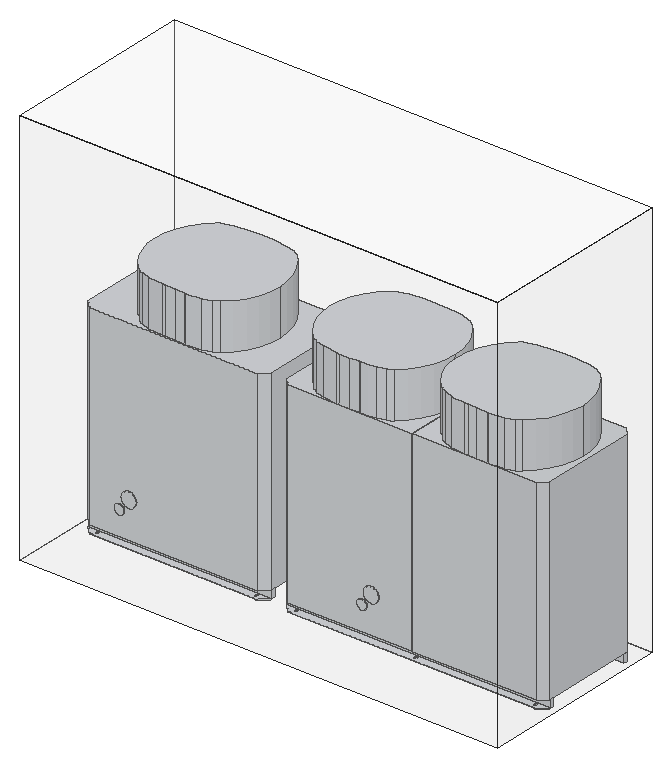
Revit family "pury-sep224_500(s)dmg9_50Hz", category 機械設備, Revit 2019
Family settings
  丸型コネクタ寸法 = 直径を使用
  パーツ タイプ = 標準
  OmniClass 番号 = 23.75.10.24.21.27.27
  OmniClass タイトル = Split System Air Conditioning Units
  作業面ベース = いいえ
  常に垂直 = はい
  ロード時にボイドで切り取り = いいえ
  共有 = いいえ
  部屋計算ポイント = いいえ
Parameters (values of type "PURY-SEP500SDMG9_タイプB")
  風量（m3／min） = 520
  風量 = MAX風量  # 31200.0 m³/h
  音響パワーレベル(dB) = 83.5
  電源種別 = ""
  電源位置2Y（ユニット3） = 121 mm
  電源位置2Y（ユニット2） = 121 mm
  電源位置2Y（ユニット1） = 121 mm
  電源位置2X（ユニット3） = 516 mm
  電源位置2X（ユニット2） = 227 mm
  電源位置2X（ユニット1） = 516 mm
  電源位置1Z（ユニット3） = 217 mm
  電源位置1Z（ユニット2） = 217 mm
  電源位置1Z（ユニット1） = 217 mm
  電源位置1X（ユニット3） = 541 mm
  電源位置1X（ユニット2） = 251 mm
  電源位置1X（ユニット1） = 541 mm
  電圧 = 200 V
  電動機出力_送風機 = 2.76 kW
  電動機出力_圧縮機 = 10.3 kW
  集中コントローラ [instance] = ""
  運転質量 = 0.00 kg
  運転方法 = "冷暖同時"
  質量 = if(製品質量 > 運転質量, 製品質量, 運転質量) * 1.2  # 664.80 kg
  負荷分類 = 1_熱源類
  説明 = "ビル用マルチエアコン 室外ユニット シティマルチR2 GR 高効率EX 高COP仕様"
  設計暖房能力 [instance] = 0 kW
  設計冷房能力_顕熱 [instance] = 0 kW
  設計冷房能力 [instance] = 0 kW
  設置方法 = "床置形"
  記号 [instance] = ""
  製造元 = "三菱電機株式会社"
  製品質量 = 554.00 kg
  製品出荷対象 = "国内"
  製品リリース年月 = "2024/4/26"
  製品グループ = ""
  系統 [instance] = ""
  符号 = "EHP"
  積算_科目 = "1 空気調和設備"
  積算_拾い区分 [instance] = ""
  相 = 3
  盤記号 [instance] = ""
  発停方法 = "付属スイッチ"
  特殊仕様 [instance] = ""
  消費電力_暖房 = 14 kW
  消費電力_冷房 = 14.7 kW
  消費電力 = if(消費電力_冷房 > 消費電力_暖房, 消費電力_冷房, 消費電力_暖房)  # 14.7 kW
  法定耐用年数 = "15"
  極数 = 3
  材質 [instance] = ""
  本体マテリアル = none
  最小電線太さ_mm2 = 60
  最大電流値 = 95.5 A
  暖房能力 = 56 kW
  推奨ブレーカー容量 = 100 A
  据付ピッチ1 = 0 mm
  形式 = "マルチパッケージ形 室外機"
  幹線記号 [instance] = ""
  始動方式 = ""
  呼称 = "マルチパッケージ形空気調和機"
  周波数 = 50 Hz
  参照している仕様書等のバージョン = "公共建築工事標準仕様書（機械設備工事編）平成31年度版"
  分類コード = "50053003300020"
  分類グループ = ""
  冷房能力 = 50 kW
  冷媒管（液）位置2 (ユニット3) = 146 mm
  冷媒管（液）位置2 (ユニット2) = 146 mm
  冷媒管（液）位置1 (ユニット3） = 533 mm
  冷媒管（ガス）位置2 (ユニット3) = 146 mm
  冷媒管（ガス）位置2 (ユニット2) = 146 mm
  冷媒管（ガス）位置1 (ユニット3) = 140 mm
  冷媒管（ガス）位置1 (ユニット1) = 140 mm
  冷媒管（液）位置1 (ユニット1) = 533 mm
  冷媒管（液）位置2 (ユニット1) = 146 mm
  冷媒管（ガス）位置2 (ユニット1) = 146 mm
  冷媒管（ガス）位置1 (ユニット2) = 140 mm
  冷媒管（液）位置1 (ユニット2） = 244 mm
  冷媒管長 [instance] = 0 mm
  冷媒管径符号 = "Fh"
  冷媒管径3 = 100.00 mm
  冷媒管径2 = 100.00 mm
  冷媒管径 = 100.00 mm
  冷媒管位置3 (ユニット3) = 294.5 mm
  冷媒管位置3 (ユニット2) = 294.5 mm
  冷媒管位置3 (ユニット1) = 294.5 mm
  冷媒管位置2 (ユニット3) = 146 mm
  冷媒管位置2 (ユニット2) = 146 mm
  冷媒管位置1 (ユニット2) = 314 mm
  冷媒管位置2 (ユニット1) = 146 mm
  冷媒管位置1 (ユニット3) = 603 mm
  冷媒管位置1 (ユニット1) = 603 mm
  冷媒液管径3 = 19.05 mm
  冷媒液管径2 = 15.88 mm
  冷媒液管径 = 19.05 mm
  冷媒ガス管径3 = 22.20 mm
  冷媒ガス管径2 = 19.05 mm
  冷媒ガス管径 = 22.20 mm
  企業コード = "108420"
  付属品 [instance] = ""
  仕様書バージョン = "Version1.0"
  ユニット隙間 = if(サービススペース_タイプA, 30 mm, 100 mm)  # 100 mm
  ユニット数 = 2
  ユニットタイプ3 = 筐体モジュール.（R2高効率） : 280K筐体
  ユニットタイプ2 = 筐体モジュール（R2高効率） : 224筐体
  ユニットタイプ1 = 筐体モジュール.（R2高効率） : 280K筐体
  ユニット3_S = no
  ユニット3_L = no
  ユニット3 = no
  ユニット2_S = no
  ユニット2_L = no
  ユニット2 = yes
  ユニット1_S = no
  ユニット1_L = no
  モデル = "PURY-SEP500SDMG9"
  ドレン管径 = 0.00 mm
  サービススペース_タイプA = no
  サービススペース = yes
  コメント [instance] = ""
  ケーブル種類 = ""
  ケーブルサイズ = 0 mm
  アンカーボルト位置Y（ユニット3） = 681 mm
  アンカーボルト位置Y（ユニット2） = 681 mm
  アンカーボルト位置Y（ユニット1） = 681 mm
  アンカーボルト位置X（ユニット3） = 795 mm
  アンカーボルト位置X（ユニット2） = 1060 mm
  アンカーボルト位置X（ユニット1） = 795 mm
  Width3 = 1750 mm
  Width2 = 1220 mm
  Width1 = 1750 mm
  Width = if(ユニット3, Width1 + Width2 + Width3 + 2 * ユニット隙間, if(ユニット2, Width1 + Width2 + 1 * ユニット隙間, Width1))  # 3070 mm
  Version = ""
  Uniclass2015Version = "Systems v1.9"
  Uniclass2015Title = "Split coil remote air cooled condensing units"
  Uniclass2015Code = "Pr_70_65_03_84"
  URL = "https://www.mitsubishielectric.co.jp/ldg/wink/qr/002/331969/"
  SpecificationReference = ""
  SpecificationDescription = ""
  Revision = ""
  ProductInformation = ""
  OmniClassCode = "23-75 10 24 21 27 27"
  OUTLINE2 = outline : outline_L
  OUTLINE1 = outline : outline_XL
  MAX風量 = 風量（m3／min） * 60.0 m³/h  # 31200.0 m³/h
  IfcTypeProduct = ""
  IfcProduct = ""
  IfcExportType = "AIRCONDITIONINGUNIT"
  IfcExportAs = "IfcUnitaryEquipmentType"
  Height = 1650 mm
  Depth = 740 mm
  Clearance Top [instance] = if(サービススペース_タイプA, 1000 mm, 1000 mm)  # 1000 mm
  Clearance Right [instance] = if(サービススペース_タイプA, 15 mm, 50 mm)  # 50 mm
  Clearance Left [instance] = if(サービススペース_タイプA, 15 mm, 50 mm)  # 50 mm
  Clearance Front [instance] = if(サービススペース_タイプA, 450 mm, 450 mm)  # 450 mm
  Clearance Back [instance] = if(サービススペース_タイプA, 300 mm, 100 mm)  # 100 mm
  COP = 0
  Author = "三菱電機株式会社"
  APF = 0
Reference planes
  plane 1 "中心(正面/背面)": y = 0
  plane 2: z = 0
  plane 3 "中心(左/右)": x = 1155
  plane 4 "右": x = 2690
  plane 5 "左": x = -380
  plane 6 "背面": y = 370
  plane 7 "正面": y = -370
  plane 8: z = 1347
  plane 9 "上部": z = 1650
  plane 10 "Clearanse Top": z = 2650
  plane 11: x = -1627
  plane 12 "冷媒操作弁ガス芯2": y = -224
  plane 13 "冷媒操作弁液芯2": y = -224
  plane 14 "SS_back": y = 470
  plane 15 "SS_front": y = -820
  plane 16 "SS_left": x = -430
  plane 17 "SS_right": x = 2740
  plane 18: x = -480
  plane 19: x = -380
  plane 20: x = 840
  plane 21: x = 940
  plane 22: x = -2230
  plane 23: x = -66
  plane 24: x = 1543
  plane 25: x = -1355
  plane 26: x = 230
  plane 27: x = 1815
  plane 28: z = 53
  plane 29: z = 294.5
  plane 30: y = -224
  plane 31: z = 54
  plane 32: z = 294.5
  plane 33: z = 294.5
  plane 34: x = 1456
  plane 35: x = 1481
  plane 36: x = -153
  plane 37: x = -129
  plane 38: y = -249
  plane 39: y = -249
  plane 40: y = -249
  plane 41: z = 217
  plane 42: z = 217
  plane 43: z = 217
  plane 44: through (-234.102, -234.715, 1200) normal (0.7071, 0.7071, 0)
Forms (mm)
  Extrusion 1, solid, detail levels fine
    sketch origin (0, -370, 0) x (1, 0, 0) y (0, 0, 1)
      loop
        circle (1543, 294.5) r 50
    from 0 to 1
  Extrusion 2, solid, visible <- "ユニット2", detail levels fine
    sketch origin (0, -370, 0) x (1, 0, 0) y (0, 0, 1)
      loop
        circle (-66, 294.5) r 50
    from 0 to 1
  Extrusion 3, solid, detail levels fine
    sketch origin (-1437.329, -1524, 54) x (-1, 0, 0) y (0, -1, 0)
      loop
        circle (-2980.329, -1300) r 50
    from 0 to -1
  Extrusion 4, solid, visible <- "ユニット2", detail levels fine
    sketch origin (-1437.329, -1524, 54) x (-1, 0, 0) y (0, -1, 0)
      loop
        circle (-1371.329, -1300) r 50
    from 0 to -1
  Extrusion 5, solid, detail levels fine
    sketch origin (-1437.329, -1524, 54) x (-1, 0, 0) y (0, -1, 0)
      loop
        circle (-2893.329, -1275) r 32.5
    from -1 to 0
  Extrusion 6, solid, visible <- "ユニット2", detail levels fine
    sketch origin (-1437.329, -1524, 54) x (-1, 0, 0) y (0, -1, 0)
      loop
        circle (-1284.329, -1275) r 32.5
    from -1 to 0
  Extrusion 7, solid, detail levels fine
    sketch origin (0, -370, 0) x (1, 0, 0) y (0, 0, 1)
      loop
        circle (1481, 217) r 32.5
    from 0 to 1
  Extrusion 8, solid, visible <- "ユニット2", detail levels fine
    sketch origin (0, -370, 0) x (1, 0, 0) y (0, 0, 1)
      loop
        circle (-129, 217) r 32.5
    from 0 to 1
Lines and regions (mm)
  model lines, not visible
    curve 1: line (460, 178.667, 1289.179) -> (460, 297.73, 1289.179)
    curve 2: line (460, 178.667, 1056.056) -> (460, 178.667, 1289.179)
    curve 3: line (460, 297.73, 1056.056) -> (460, 178.667, 1056.056)
    curve 4: line (460, 297.73, 1289.179) -> (460, 297.73, 1056.056)
    curve 5: line (460, 47.598, 1289.179) -> (460, 166.661, 1289.179)
    curve 6: line (460, 47.598, 1056.056) -> (460, 47.598, 1289.179)
    curve 7: line (460, 166.661, 1056.056) -> (460, 47.598, 1056.056)
    curve 8: line (460, 166.661, 1289.179) -> (460, 166.661, 1056.056)
    curve 9: line (460, -83.471, 1289.179) -> (460, 35.592, 1289.179)
    curve 10: line (460, -83.471, 1056.056) -> (460, -83.471, 1289.179)
    curve 11: line (460, 35.592, 1056.056) -> (460, -83.471, 1056.056)
    curve 12: line (460, 35.592, 1289.179) -> (460, 35.592, 1056.056)
    curve 13: line (460, -150.779, 1289.179) -> (460, -95.75, 1289.179)
    curve 14: line (460, -150.779, 1056.056) -> (460, -150.779, 1289.179)
    curve 15: line (460, -95.75, 1056.056) -> (460, -150.779, 1056.056)
    curve 16: line (460, -95.75, 1289.179) -> (460, -95.75, 1056.056)
    curve 17: line (460, -150.779, 1283.175) -> (460, -132.596, 1283.175)
    curve 18: line (460, -150.779, 1062.059) -> (460, -150.779, 1283.175)
    curve 19: line (460, -132.596, 1062.059) -> (460, -150.779, 1062.059)
    curve 20: line (460, -132.596, 1283.175) -> (460, -132.596, 1062.059)
    curve 21: line (460, 178.667, 1046.051) -> (460, 297.73, 1046.051)
    curve 22: line (460, 178.667, 812.928) -> (460, 178.667, 1046.051)
    curve 23: line (460, 297.73, 812.928) -> (460, 178.667, 812.928)
    curve 24: line (460, 297.73, 1046.051) -> (460, 297.73, 812.928)
    curve 25: line (460, 47.598, 1046.051) -> (460, 166.661, 1046.051)
    curve 26: line (460, 47.598, 812.928) -> (460, 47.598, 1046.051)
    curve 27: line (460, 166.661, 812.928) -> (460, 47.598, 812.928)
    curve 28: line (460, 166.661, 1046.051) -> (460, 166.661, 812.928)
    curve 29: line (460, -83.471, 1046.051) -> (460, 35.592, 1046.051)
    curve 30: line (460, -83.471, 812.928) -> (460, -83.471, 1046.051)
    curve 31: line (460, 35.592, 812.928) -> (460, -83.471, 812.928)
    curve 32: line (460, 35.592, 1046.051) -> (460, 35.592, 812.928)
    curve 33: line (460, -150.779, 1046.051) -> (460, -95.75, 1046.051)
    curve 34: line (460, -150.779, 812.928) -> (460, -150.779, 1046.051)
    curve 35: line (460, -95.75, 812.928) -> (460, -150.779, 812.928)
    curve 36: line (460, -95.75, 1046.051) -> (460, -95.75, 812.928)
    curve 37: line (460, -150.779, 1040.048) -> (460, -132.596, 1040.048)
    curve 38: line (460, -150.779, 818.931) -> (460, -150.779, 1040.048)
    curve 39: line (460, -132.596, 818.931) -> (460, -150.779, 818.931)
    curve 40: line (460, -132.596, 1040.048) -> (460, -132.596, 818.931)
    curve 41: line (460, 178.667, 802.923) -> (460, 297.73, 802.923)
    curve 42: line (460, 178.667, 569.8) -> (460, 178.667, 802.923)
    curve 43: line (460, 297.73, 569.8) -> (460, 178.667, 569.8)
    curve 44: line (460, 297.73, 802.923) -> (460, 297.73, 569.8)
    curve 45: line (460, 47.598, 802.923) -> (460, 166.661, 802.923)
    curve 46: line (460, 47.598, 569.8) -> (460, 47.598, 802.923)
    curve 47: line (460, 166.661, 569.8) -> (460, 47.598, 569.8)
    curve 48: line (460, 166.661, 802.923) -> (460, 166.661, 569.8)
    curve 49: line (460, -83.471, 802.923) -> (460, 35.592, 802.923)
    curve 50: line (460, -83.471, 569.8) -> (460, -83.471, 802.923)
    curve 51: line (460, 35.592, 569.8) -> (460, -83.471, 569.8)
    curve 52: line (460, 35.592, 802.923) -> (460, 35.592, 569.8)
    curve 53: line (460, -150.779, 802.923) -> (460, -95.75, 802.923)
    curve 54: line (460, -150.779, 569.8) -> (460, -150.779, 802.923)
    curve 55: line (460, -95.75, 569.8) -> (460, -150.779, 569.8)
    curve 56: line (460, -95.75, 802.923) -> (460, -95.75, 569.8)
    curve 57: line (460, -150.779, 796.92) -> (460, -132.596, 796.92)
    curve 58: line (460, -150.779, 575.803) -> (460, -150.779, 796.92)
    curve 59: line (460, -132.596, 575.803) -> (460, -150.779, 575.803)
    curve 60: line (460, -132.596, 796.92) -> (460, -132.596, 575.803)
    curve 61: line (460, 178.667, 559.795) -> (460, 297.73, 559.795)
    curve 62: line (460, 178.667, 326.672) -> (460, 178.667, 559.795)
    curve 63: line (460, 297.73, 326.672) -> (460, 178.667, 326.672)
    curve 64: line (460, 297.73, 559.795) -> (460, 297.73, 326.672)
    curve 65: line (460, 47.598, 559.795) -> (460, 166.661, 559.795)
    curve 66: line (460, 47.598, 326.672) -> (460, 47.598, 559.795)
    curve 67: line (460, 166.661, 326.672) -> (460, 47.598, 326.672)
    curve 68: line (460, 166.661, 559.795) -> (460, 166.661, 326.672)
    curve 69: line (460, -83.471, 559.795) -> (460, 35.592, 559.795)
    curve 70: line (460, -83.471, 326.672) -> (460, -83.471, 559.795)
    curve 71: line (460, 35.592, 326.672) -> (460, -83.471, 326.672)
    curve 72: line (460, 35.592, 559.795) -> (460, 35.592, 326.672)
    curve 73: line (460, -150.779, 559.795) -> (460, -95.75, 559.795)
    curve 74: line (460, -150.779, 326.672) -> (460, -150.779, 559.795)
    curve 75: line (460, -95.75, 326.672) -> (460, -150.779, 326.672)
    curve 76: line (460, -95.75, 559.795) -> (460, -95.75, 326.672)
    curve 77: line (460, -150.779, 553.792) -> (460, -132.596, 553.792)
    curve 78: line (460, -150.779, 332.675) -> (460, -150.779, 553.792)
    curve 79: line (460, -132.596, 332.675) -> (460, -150.779, 332.675)
    curve 80: line (460, -132.596, 553.792) -> (460, -132.596, 332.675)
    curve 81: line (460, 178.667, 316.667) -> (460, 297.73, 316.667)
    curve 82: line (460, 178.667, 83.544) -> (460, 178.667, 316.667)
    curve 83: line (460, 297.73, 83.544) -> (460, 178.667, 83.544)
    curve 84: line (460, 297.73, 316.667) -> (460, 297.73, 83.544)
    curve 85: line (460, 47.598, 316.667) -> (460, 166.661, 316.667)
    curve 86: line (460, 47.598, 83.544) -> (460, 47.598, 316.667)
    curve 87: line (460, 166.661, 83.544) -> (460, 47.598, 83.544)
    curve 88: line (460, 166.661, 316.667) -> (460, 166.661, 83.544)
    curve 89: line (460, -83.471, 316.667) -> (460, 35.592, 316.667)
    curve 90: line (460, -83.471, 83.544) -> (460, -83.471, 316.667)
    curve 91: line (460, 35.592, 83.544) -> (460, -83.471, 83.544)
    curve 92: line (460, 35.592, 316.667) -> (460, 35.592, 83.544)
    curve 93: line (460, -150.779, 316.667) -> (460, -95.75, 316.667)
    curve 94: line (460, -150.779, 83.544) -> (460, -150.779, 316.667)
    curve 95: line (460, -95.75, 83.544) -> (460, -150.779, 83.544)
    curve 96: line (460, -95.75, 316.667) -> (460, -95.75, 83.544)
    curve 97: line (460, -150.779, 310.664) -> (460, -132.596, 310.664)
    curve 98: line (460, -150.779, 89.547) -> (460, -150.779, 310.664)
    curve 99: line (460, -132.596, 89.547) -> (460, -150.779, 89.547)
    curve 100: line (460, -132.596, 310.664) -> (460, -132.596, 89.547)
Dimensions and locks
  plane 8 to level = 1347 mm
  equal spacing: plane 7 "正面", plane 1 "中心(正面/背面)", plane 6 "背面", locked at 370 each
  "Depth": plane 7 "正面" to plane 6 "背面"
  "Width": plane 5 "左" to plane 4 "右"
  equal spacing: plane 5 "左", plane 3 "中心(左/右)", plane 4 "右"
  "冷媒管位置2 (ユニット3)": plane 7 "正面" to plane 13 "冷媒操作弁液芯2"
  "冷媒管位置2 (ユニット2)": plane 7 "正面" to plane 12 "冷媒操作弁ガス芯2"
  "Clearance Left": plane 16 "SS_left" to plane 5 "左"
  "Clearance Right": plane 4 "右" to plane 17 "SS_right"
  "Clearance Back": plane 6 "背面" to plane 14 "SS_back"
  "Clearance Front": plane 15 "SS_front" to plane 7 "正面"
  "Clearance Top": plane 10 "Clearanse Top" to plane 9 "上部"
  "Height": plane 9 "上部" to plane 2
  plane 9 "上部" to plane 8 = 303 mm
  "ユニット隙間": plane 18 to plane 19
  "Width2": plane 19 to plane 20
  "ユニット隙間": plane 20 to plane 21
  "Width3": plane 22 to plane 18
  "Width1": plane 21 to plane 4 "右"
  "冷媒管位置1 (ユニット2)": plane 19 to plane 23
  "冷媒管位置1 (ユニット1)": plane 21 to plane 24
  "冷媒管位置1 (ユニット3)": plane 22 to plane 11
  equal spacing: plane 22, plane 25, plane 18
  equal spacing: plane 19, plane 26, plane 20
  equal spacing: plane 21, plane 27, plane 4 "右"
  "冷媒管位置2 (ユニット1)": plane 7 "正面" to plane 30
  plane 31 to level = 54 mm
  "冷媒管位置3 (ユニット1)": plane 29 to level
  locked: plane 31 to plane 28 at 1
  "冷媒管位置3 (ユニット2)": plane 32 to level
  "冷媒管位置3 (ユニット3)": plane 33 to level
  "電源位置2X（ユニット2）": plane 19 to plane 36
  "電源位置2X（ユニット1）": plane 21 to plane 34
  "電源位置2Y（ユニット1）": plane 7 "正面" to plane 38
  "電源位置2Y（ユニット2）": plane 7 "正面" to plane 39
  "電源位置2Y（ユニット3）": plane 7 "正面" to plane 40
  "電源位置1X（ユニット1）": plane 35 to plane 21
  "電源位置1X（ユニット2）": plane 37 to plane 19
  "電源位置1Z（ユニット1）": plane 43 to level
  "電源位置1Z（ユニット2）": plane 42 to level
  "電源位置1Z（ユニット3）": plane 41 to level
  "冷媒管径": diameter of Extrusion 1 sketch curve
  "冷媒管径2": diameter of Extrusion 2 sketch curve
  "冷媒管径": diameter of Extrusion 3 sketch curve
  "冷媒管径2": diameter of Extrusion 4 sketch curve
  radius of Extrusion 5 sketch curve = 32.5 mm
  radius of Extrusion 6 sketch curve = 32.5 mm
  radius of Extrusion 7 sketch curve = 32.5 mm
  aligned and locked: level to plane 2
  aligned and locked: plane 14 "SS_back" to nested 1  (x2)
  aligned and locked: plane 17 "SS_right" to nested 1
  aligned and locked: plane 16 "SS_left" to nested 1  (x2)
  aligned and locked: nested 1 to plane 17 "SS_right"
  aligned and locked: plane 15 "SS_front" to nested 1
  aligned and locked: plane 1 "中心(正面/背面)" to nested 2
  aligned and locked: plane 10 "Clearanse Top" to nested 1
  aligned and locked: nested 1 to plane 2
  aligned and locked: plane 25 to nested 2
  aligned and locked: plane 29 to Extrusion 1 sketch curve
  aligned and locked: plane 24 to Extrusion 1 sketch curve
  aligned and locked: plane 23 to Extrusion 2 sketch curve
  aligned and locked: plane 30 to Extrusion 3 sketch curve
  aligned and locked: plane 24 to Extrusion 3 sketch curve
  aligned and locked: plane 12 "冷媒操作弁ガス芯2" to Extrusion 4 sketch curve
  aligned and locked: plane 23 to Extrusion 4 sketch curve
  aligned and locked: plane 32 to Extrusion 2 sketch curve
  aligned and locked: plane 34 to Extrusion 5 sketch curve
  aligned and locked: plane 38 to Extrusion 5 sketch curve
  aligned and locked: plane 31 to Extrusion 5
  aligned and locked: Extrusion 5 to plane 28
  aligned and locked: plane 36 to Extrusion 6 sketch curve
  aligned and locked: plane 39 to Extrusion 6 sketch curve
  aligned and locked: plane 31 to Extrusion 6
  aligned and locked: Extrusion 6 to plane 28
  aligned and locked: plane 35 to Extrusion 7 sketch curve
  aligned and locked: plane 43 to Extrusion 7 sketch curve
  aligned and locked: plane 42 to Extrusion 8 sketch curve
  aligned and locked: plane 37 to Extrusion 8 sketch curve
  aligned and locked: Extrusion 8 to plane 7 "正面"
  aligned and locked: Extrusion 7 to plane 7 "正面"
  aligned and locked: Extrusion 8 to Extrusion 2
  aligned and locked: Extrusion 7 to Extrusion 1
  aligned and locked: plane 26 to nested 4
  aligned and locked: plane 27 to nested 5
  aligned and locked: plane 27 to nested 3
  aligned and locked: plane 26 to nested 6
  aligned and locked: plane 1 "中心(正面/背面)" to nested 6
Automatic sketch dimensions
  radius of Extrusion 8 sketch curve = 32.5 mm
Nested families
  nested 1: "サービススペース" at (1155, -175, 1325), visible <- "サービススペース", type "サービススペース"
    with Width 3170 mm, Height 2650 mm, Depth 1290 mm
  nested 2: "筐体モジュール.（R2高効率）" at (-1355, 0, 0), 冷媒ガス管径 <- "冷媒ガス管径3", 冷媒液管径 <- "冷媒液管径3", Width <- "Width3", Depth <- "Depth", Height <- "Height", type <- "ユニットタイプ3", 冷媒ガス_X <- "冷媒管（ガス）位置1 (ユニット3)", 冷媒ガス_Y <- "冷媒管（ガス）位置2 (ユニット3)", 冷媒液_X <- "冷媒管（液）位置1 (ユニット3）", 冷媒液_Y <- "冷媒管（液）位置2 (ユニット3)", 冷媒管径 <- "冷媒管径3", 冷媒管径_X <- "冷媒管位置1 (ユニット3)", 冷媒管径_Y <- "冷媒管位置2 (ユニット3)", 冷媒管径_Z <- "冷媒管位置3 (ユニット3)", ユニット2 <- "ユニット3", type "280K筐体"
    with 冷媒管径_Z 294.5 mm, 冷媒管径_Y 146 mm, 冷媒管径_X 603 mm, 冷媒管径 100 mm, 冷媒液管径 19.05 mm, 冷媒液_Z 327 mm, 冷媒液_Y 146 mm, 冷媒液_X 533 mm, 冷媒ガス管径 22.2 mm, 冷媒ガス_Z 262 mm, 冷媒ガス_Y 146 mm, 冷媒ガス_X 140 mm, ユニット4X no, ユニット2 no, Width 1750 mm, Height 1650 mm, Depth 740 mm
  nested 3: "筐体モジュール.（R2高効率）" at (1815, 0, 0), type <- "ユニットタイプ1", 冷媒管径_X <- "冷媒管位置1 (ユニット1)", Width <- "Width1", 冷媒ガス管径 <- "冷媒ガス管径", 冷媒液管径 <- "冷媒液管径", 冷媒液_X <- "冷媒管（液）位置1 (ユニット1)", type "280K筐体", detail levels fine
    with 冷媒管径_Z 294.5 mm, 冷媒管径_Y 146 mm, 冷媒管径_X 603 mm, 冷媒管径 100 mm, 冷媒液管径 19.05 mm, 冷媒液_Z 327 mm, 冷媒液_Y 146 mm, 冷媒液_X 533 mm, 冷媒ガス管径 22.2 mm, 冷媒ガス_Z 262 mm, 冷媒ガス_Y 146 mm, 冷媒ガス_X 140 mm, ユニット4X yes, ユニット2 yes, Width 1750 mm, Height 1650 mm, Depth 740 mm
  nested 4: "outline" at (230, 0, 0), ユニット2 <- "ユニット2", type <- "OUTLINE2", type "outline_L", detail levels coarse+medium
    with ユニット4X no, ユニット2 yes, Width 920 mm, Height 1650 mm, Depth 740 mm
  nested 5: "outline" at (1815, 0, 0), type <- "OUTLINE1", type "outline_XL", detail levels coarse+medium
    with ユニット4X no, ユニット2 yes, Width 1220 mm, Height 1650 mm, Depth 740 mm
  nested 6: "筐体モジュール（R2高効率）" at (230, 0, 0), type <- "ユニットタイプ2", ユニット2 <- "ユニット2", Width <- "Width2", 冷媒ガス管径 <- "冷媒ガス管径2", 冷媒液管径 <- "冷媒液管径2", 冷媒管径_X <- "冷媒管位置1 (ユニット2)", 冷媒液_X <- "冷媒管（液）位置1 (ユニット2）", type "224筐体"
    with 冷媒管径_Z 294.5 mm, 冷媒管径_Y 146 mm, 冷媒管径_X 314 mm, 冷媒管径 100 mm, 冷媒液管径 15.88 mm, 冷媒液_Z 327 mm, 冷媒液_Y 146 mm, 冷媒液_X 244 mm, 冷媒ガス管径 19.05 mm, 冷媒ガス_Z 262 mm, 冷媒ガス_Y 146 mm, 冷媒ガス_X 140 mm, ユニット234X yes, ユニット2 yes, Width 1220 mm, Height 1650 mm, Depth 740 mm, W 1220 mm
Connectors
  piping at (1543, -224, 53), diameter 100, driven by "冷媒管径", driven by "冷媒管径符号"
    settings: on Extrusion 3, index 7, connector inside diameter 609.60 mm, connector length 0 mm, flow factor 0, pipe flow 0.0 L/s, pressure drop 0.0 Pa, fitting loss kfactor 0, connector angle 0.00°, fixture units 0, engagement length 0 mm, angle of deflection 0.00°, flow configuration 1, flow direction 2, fitting loss method 4, system type 7, joint type 0, gender type 0, connector reference index -1, connector utility 0, adjustable connector no, is connector primary yes, connector description "Fh"
  piping at (-66, -224, 53), diameter 100, driven by "冷媒管径2", driven by "冷媒管径符号"
    settings: on Extrusion 4, index 8, connector inside diameter 609.60 mm, connector length 0 mm, flow factor 0, pipe flow 0.0 L/s, pressure drop 0.0 Pa, fitting loss kfactor 0, connector angle 0.00°, fixture units 0, engagement length 0 mm, angle of deflection 0.00°, flow configuration 1, flow direction 2, fitting loss method 4, system type 7, joint type 0, gender type 0, connector reference index -1, connector utility 0, adjustable connector no, is connector primary no, connector description "Fh"
  piping at (-66, -371, 294.5), diameter 100, driven by "冷媒管径2", driven by "冷媒管径符号"
    settings: on Extrusion 2, index 10, connector inside diameter 609.60 mm, connector length 0 mm, flow factor 0, pipe flow 0.0 L/s, pressure drop 0.0 Pa, fitting loss kfactor 0, connector angle 0.00°, fixture units 0, engagement length 0 mm, angle of deflection 0.00°, flow configuration 1, flow direction 2, fitting loss method 4, system type 7, joint type 0, gender type 0, connector reference index -1, connector utility 0, adjustable connector no, is connector primary no, connector description "Fh"
  piping at (1543, -371, 294.5), diameter 100, driven by "冷媒管径", driven by "冷媒管径符号"
    settings: on Extrusion 1, index 11, connector inside diameter 609.60 mm, connector length 0 mm, flow factor 0, pipe flow 0.0 L/s, pressure drop 0.0 Pa, fitting loss kfactor 0, connector angle 0.00°, fixture units 0, engagement length 0 mm, angle of deflection 0.00°, flow configuration 1, flow direction 2, fitting loss method 4, system type 7, joint type 0, gender type 0, connector reference index -1, connector utility 0, adjustable connector no, is connector primary no, connector description "Fh"
  electrical at (-129, -371, 217), driven by "極数", driven by "負荷分類", driven by "電圧", driven by "消費電力"
    settings: on Extrusion 8, index 12, voltage 200 V, apparent load 14700 VA, apparent load phase1 0 VA, apparent load phase2 0 VA, apparent load phase3 0 VA, power factor 1, load classification "1_熱源類", number of poles 3, system type 30, power factor state 1, is connector primary yes, connector utility no, sub classification motor no, connector description ""
  electrical at (1481, -371, 217), driven by "極数", driven by "負荷分類", driven by "電圧", driven by "消費電力"
    settings: on Extrusion 7, index 13, voltage 200 V, apparent load 14700 VA, apparent load phase1 0 VA, apparent load phase2 0 VA, apparent load phase3 0 VA, power factor 1, load classification "1_熱源類", number of poles 3, system type 30, power factor state 1, is connector primary no, connector utility no, sub classification motor no, connector description ""
  electrical at (1456, -249, 53), driven by "極数", driven by "負荷分類", driven by "電圧", driven by "消費電力"
    settings: on Extrusion 5, index 14, voltage 200 V, apparent load 14700 VA, apparent load phase1 0 VA, apparent load phase2 0 VA, apparent load phase3 0 VA, power factor 1, load classification "1_熱源類", number of poles 3, system type 30, power factor state 1, is connector primary no, connector utility no, sub classification motor no, connector description ""
  electrical at (-153, -249, 53), driven by "極数", driven by "負荷分類", driven by "電圧", driven by "消費電力"
    settings: on Extrusion 6, index 15, voltage 200 V, apparent load 14700 VA, apparent load phase1 0 VA, apparent load phase2 0 VA, apparent load phase3 0 VA, power factor 1, load classification "1_熱源類", number of poles 3, system type 30, power factor state 1, is connector primary no, connector utility no, sub classification motor no, connector description ""
Definition of nested family "サービススペース"
  Parameters (values of type "サービススペース")
    Width [instance] = 500 mm
    Height [instance] = 500 mm
    Depth [instance] = 500 mm
  Reference planes
    plane 1 "中心(正面/背面)": y = 0
    plane 2: z = 0
    plane 3 "中心(左/右)": x = 0
    plane 4: y = -250
    plane 5: x = 250
    plane 6: y = 250
    plane 7: x = -250
    plane 8: z = 250
    plane 9: z = -250
  Forms (mm)
    Extrusion 1, solid
      sketch origin (-638.939, 0, 72.39) x (1, 0, 0) y (0, 1, 0)
        loop
          line (388.939, 250) -> (388.939, -250) -> (888.939, -250) -> (888.939, 250) -> (388.939, 250)
      from -322.39 to 177.61
  Lines and regions (mm)
    symbolic lines
      curve 1: line (-250, 0, 250) -> (250, 0, 250)
      curve 2: line (-250, 0, -250) -> (-250, 0, 250)
      curve 3: line (250, 0, -250) -> (-250, 0, -250)
      curve 4: line (250, 0, 250) -> (250, 0, -250)
      curve 5: line (0, -250, 250) -> (0, 250, 250)
      curve 6: line (0, -250, -250) -> (0, -250, 250)
      curve 7: line (0, 250, -250) -> (0, -250, -250)
      curve 8: line (0, 250, 250) -> (0, 250, -250)
      curve 9: line (-250, 250, 0) -> (250, 250, 0)
      curve 10: line (-250, -250, 0) -> (-250, 250, 0)
      curve 11: line (250, -250, 0) -> (-250, -250, 0)
      curve 12: line (250, 250, 0) -> (250, -250, 0)
  Dimensions and locks
    equal spacing: plane 7, plane 3 "中心(左/右)", plane 5
    equal spacing: plane 4, plane 1 "中心(正面/背面)", plane 6
    "Depth": plane 4 to plane 6
    "Width": plane 7 to plane 5
    equal spacing: plane 8, plane 2, plane 9
    "Height": plane 8 to plane 9
    aligned and locked: plane 9 to curve 3
    aligned and locked: plane 7 to curve 2
    aligned and locked: curve 4 to plane 5
    aligned and locked: plane 5 to Extrusion 1
    aligned and locked: Extrusion 1 to plane 7
    aligned and locked: Extrusion 1 to plane 9
    aligned and locked: plane 8 to Extrusion 1
    aligned and locked: plane 9 to curve 7
  Automatic sketch dimensions
    plane 4 to Extrusion 1 sketch curve = 0 mm
    Extrusion 1 sketch curve to plane 7 = 0 mm
    Extrusion 1 sketch curve to plane 5 = 0 mm
    plane 6 to Extrusion 1 sketch curve = 0 mm
    curve 2 to plane 8 = 0 mm
    plane 4 to curve 11 = 0 mm
    curve 11 to plane 7 = 0 mm
    curve 11 to plane 5 = 0 mm
    plane 6 to curve 10 = 0 mm
    curve 7 to plane 4 = 0 mm
    curve 7 to plane 6 = 0 mm
    curve 6 to plane 8 = 0 mm
Definition of nested family "筐体モジュール.（R2高効率）"
  Parameters (values of type "280K筐体")
    冷媒管径_Z [instance] = 294.5 mm
    冷媒管径_Y [instance] = 146 mm
    冷媒管径_X [instance] = 603 mm
    冷媒管径 [instance] = 100 mm
    冷媒液管径 [instance] = 22.2 mm
    冷媒液_Z [instance] = 327 mm
    冷媒液_Y [instance] = 146 mm
    冷媒液_X [instance] = 533 mm
    冷媒ガス管径 [instance] = 28.58 mm
    冷媒ガス_Z [instance] = 262 mm
    冷媒ガス_Y [instance] = 146 mm
    冷媒ガス_X [instance] = 140 mm
    ユニット4X [instance] = and(ユニット2, Width = 1750 mm)  # yes
    ユニット2 [instance] = yes
    Width [instance] = 1750 mm
    W = 1750 mm
    Height [instance] = 1650 mm
    Depth [instance] = 740 mm
  Reference planes
    plane 1 "中心(正面/背面)": y = 0
    plane 2: z = 0
    plane 3 "中心(左/右)": x = 0
    plane 4: y = -370
    plane 5: y = 370
    plane 6: x = -875
    plane 7: z = 1347
    plane 8: z = 1650
    plane 9: y = -313
    plane 10: y = -293
    plane 11 "本体下部": z = 54
    plane 12: y = 370
    plane 13: y = 313
    plane 14: y = 293
    plane 15: y = 340.5
    plane 16: x = -795
    plane 17: y = -340.5
    plane 18 "電源高さ": z = 327
    plane 19 "冷媒管高さ": z = 294.5
    plane 20 "冷媒操作弁ガス芯4": z = 53
    plane 21: x = 875
    plane 22: x = -875
    plane 23: x = 875
    plane 24: x = -342
    plane 25: x = -272
    plane 26: x = -202
    plane 27: y = -224
    plane 28: y = -224
    plane 29: y = -224
    plane 30: z = 262
    plane 31: x = 795
  Forms (mm)
    Extrusion 1, solid, visible <- "ユニット4X", detail levels fine
      sketch origin (-460, 0, 0) x (1, 0, 0) y (0, 1, 0)
        loop
          line (-415, -320.583) -> (-365.583, -370) -> (455.244, -370) -> (455.244, 370) -> (-365.831, 370) -> (-415, 320.831) -> (-415, -320.583)
        loop
          line (464.756, 370) -> (464.756, -370) -> (1285.583, -370) -> (1335, -320.583) -> (1335, 320.831) -> (1285.831, 370) -> (464.756, 370)
      from 54 to 1347
    Extrusion 2, solid, visible <- "ユニット4X", detail levels fine
      sketch origin (-460, 0, 0) x (1, 0, 0) y (0, 1, 0)
        loop
          line (-415, -293) -> (-415, -313) -> (1335, -313) -> (1335, -293) -> (-415, -293)
      from 0 to 54
    Extrusion 3, solid, visible <- "ユニット4X", detail levels fine
      sketch origin (-460, 0, 0) x (1, 0, 0) y (0, 1, 0)
        loop
          line (-415, 293) -> (1335, 293) -> (1335, 313) -> (-415, 313) -> (-415, 293)
      from 0 to 54
    Extrusion 4, solid, visible <- "ユニット4X", detail levels fine
      sketch origin (-460, 0, 0) x (1, 0, 0) y (0, 1, 0)
        loop
          line (-415, -313) -> (-415, -320.583) -> (-365.583, -370) -> (1285.583, -370) -> (1335, -320.583) -> (1335, -313) -> (-415, -313)
        loop
          line (-328, -343.5) -> (-328, -337.5)
          arc (-328, -337.5) -> (-335, -330.5) -> (-342, -337.5) r 7
          line (-342, -337.5) -> (-342, -343.5)
          arc (-342, -343.5) -> (-335, -350.5) -> (-328, -343.5) r 7
        loop
          arc (1248, -343.5) -> (1255, -350.5) -> (1262, -343.5) r 7
          line (1262, -343.5) -> (1262, -337.5)
          arc (1262, -337.5) -> (1255, -330.5) -> (1248, -337.5) r 7
          line (1248, -337.5) -> (1248, -343.5)
        loop
          line (467, -343.5) -> (467, -337.5)
          arc (467, -337.5) -> (460, -330.5) -> (453, -337.5) r 7
          line (453, -337.5) -> (453, -343.5)
          arc (453, -343.5) -> (460, -350.5) -> (467, -343.5) r 7
      from 0 to 2
    Extrusion 5, solid, visible <- "ユニット4X", detail levels fine
      sketch origin (-759.5, 0, -2.5) x (1, 0, 0) y (0, 0, 1)
        loop
          circle (487.5, 297) r 50
      from 370 to 371
    Extrusion 6, solid, visible <- "ユニット4X", detail levels fine
      sketch origin (-460, 0, 0) x (1, 0, 0) y (0, 1, 0)
        loop
          circle (188, -224) r 50
      from 53 to 54
    Extrusion 7, solid, visible <- "ユニット4X", detail levels fine
      sketch origin (-460, 0, 0) x (1, 0, 0) y (0, 1, 0)
        loop
          circle (118, -224) r 11.1
      from 53 to 54
    Extrusion 8, solid, visible <- "ユニット4X", detail levels fine
      sketch origin (-460, 0, 0) x (1, 0, 0) y (0, 1, 0)
        loop
          circle (258, -224) r 14.29
      from 53 to 54
    Extrusion 9, solid, visible <- "ユニット4X", detail levels fine
      sketch origin (-460, 0, 0) x (1, 0, 0) y (0, 1, 0)
        loop
          line (-415, 313) -> (1335, 313) -> (1335, 320.583) -> (1285.583, 370) -> (-365.583, 370) -> (-415, 320.583) -> (-415, 313)
        loop
          arc (-328, 343.5) -> (-335, 350.5) -> (-342, 343.5) r 7
          line (-342, 343.5) -> (-342, 337.5)
          arc (-342, 337.5) -> (-335, 330.5) -> (-328, 337.5) r 7
          line (-328, 337.5) -> (-328, 343.5)
        loop
          line (1248, 343.5) -> (1248, 337.5)
          arc (1248, 337.5) -> (1255, 330.5) -> (1262, 337.5) r 7
          line (1262, 337.5) -> (1262, 343.5)
          arc (1262, 343.5) -> (1255, 350.5) -> (1248, 343.5) r 7
        loop
          arc (467, 343.5) -> (460, 350.5) -> (453, 343.5) r 7
          line (453, 343.5) -> (453, 337.5)
          arc (453, 337.5) -> (460, 330.5) -> (467, 337.5) r 7
          line (467, 337.5) -> (467, 343.5)
      from 0 to 2
    Extrusion 10, solid, visible <- "ユニット4X", detail levels fine
      sketch origin (426.031, 0, 0) x (-1, 0, 0) y (0, -1, 0)
        loop
          arc (-268.081, -316.106) -> (-250.974, -327.516) -> (-232.369, -336.274) r 138.853
          arc (-232.369, -336.274) -> (-204.68, -346.28) -> (-176.163, -353.601) r 308.609
          arc (-176.163, -353.601) -> (-128.058, -361) -> (-79.445, -363.367) r 468.429
          line (-79.445, -363.367) -> (0, -363.367) -> (79.445, -363.367)
          arc (79.445, -363.367) -> (128.058, -361) -> (176.163, -353.601) r 468.429
          arc (176.163, -353.601) -> (204.68, -346.28) -> (232.369, -336.274) r 308.609
          arc (232.369, -336.274) -> (250.84, -327.278) -> (268.082, -316.106) r 168.924
          arc (268.082, -316.106) -> (376.101, -174.18) -> (414.476, 0) r 414.476
          arc (414.476, 0) -> (376.101, 174.18) -> (268.081, 316.106) r 414.476
          arc (268.081, 316.106) -> (250.84, 327.278) -> (232.369, 336.274) r 168.924
          arc (232.369, 336.274) -> (204.68, 346.28) -> (176.163, 353.601) r 308.609
          arc (176.163, 353.601) -> (128.058, 361) -> (79.445, 363.367) r 468.429
          arc (79.445, 363.367) -> (71.906, 363.425) -> (64.372, 363.142) r 167.153
          line (64.372, 363.142) -> (0, 363.142) -> (-64.372, 363.142)
          arc (-64.372, 363.142) -> (-71.906, 363.425) -> (-79.445, 363.367) r 167.153
          arc (-79.445, 363.367) -> (-128.058, 361) -> (-176.163, 353.601) r 468.429
          arc (-176.163, 353.601) -> (-204.68, 346.28) -> (-232.369, 336.274) r 308.609
          arc (-232.369, 336.274) -> (-250.84, 327.278) -> (-268.081, 316.106) r 168.924
          arc (-268.081, 316.106) -> (-376.101, 174.18) -> (-414.476, 0) r 414.476
          arc (-414.476, 0) -> (-376.101, -174.18) -> (-268.081, -316.106) r 414.476
      from 1347 to 1650
    Extrusion 11, solid, visible <- "ユニット4X", detail levels fine
      sketch origin (-426.031, 0, 0) x (1, 0, 0) y (0, 1, 0)
        loop
          arc (-268.081, 316.106) -> (-376.101, 174.18) -> (-414.476, 0) r 414.476
          arc (-414.476, 0) -> (-376.101, -174.18) -> (-268.081, -316.106) r 414.476
          arc (-268.081, -316.106) -> (-250.84, -327.278) -> (-232.369, -336.274) r 168.924
          arc (-232.369, -336.274) -> (-204.68, -346.28) -> (-176.163, -353.601) r 308.609
          arc (-176.163, -353.601) -> (-128.058, -361) -> (-79.445, -363.367) r 468.429
          arc (-79.445, -363.367) -> (-71.906, -363.425) -> (-64.372, -363.142) r 167.153
          line (-64.372, -363.142) -> (0, -363.142) -> (64.372, -363.142)
          arc (64.372, -363.142) -> (71.906, -363.425) -> (79.445, -363.367) r 167.153
          arc (79.445, -363.367) -> (129.328, -360.87) -> (178.663, -353.076) r 468.429
          arc (178.663, -353.076) -> (205.901, -345.901) -> (232.372, -336.274) r 308.61
          arc (232.372, -336.274) -> (251.312, -327.333) -> (268.992, -316.106) r 167.985
          arc (268.992, -316.106) -> (376.782, -174.112) -> (415.066, 0) r 415.066
          arc (415.066, 0) -> (376.782, 174.112) -> (268.992, 316.106) r 415.066
          arc (268.992, 316.106) -> (251.312, 327.333) -> (232.372, 336.274) r 167.985
          arc (232.372, 336.274) -> (205.901, 345.901) -> (178.663, 353.076) r 308.61
          arc (178.663, 353.076) -> (129.328, 360.87) -> (79.445, 363.367) r 468.429
          line (79.445, 363.367) -> (0, 363.367) -> (-79.445, 363.367)
          arc (-79.445, 363.367) -> (-128.058, 361) -> (-176.163, 353.601) r 468.429
          arc (-176.163, 353.601) -> (-204.68, 346.28) -> (-232.369, 336.274) r 308.609
          arc (-232.369, 336.274) -> (-250.974, 327.516) -> (-268.081, 316.106) r 138.853
      from 1347 to 1650
  Lines and regions (mm)
    Masking region 1, visible <- "ユニット4X", detail levels coarse+medium
      outline origin (0, 0, 0) x (1, 0, 0) y (0, 1, 0)
        loop
          line (-825.831, 370) -> (-875, 320.831) -> (-875, -320.583) -> (-825.583, -370) -> (825.583, -370) -> (875, -320.583) -> (875, 320.831) -> (825.831, 370) -> (-825.831, 370)
    model lines, visible <- "ユニット4X", detail levels fine
      curve 1: line (-875, 178.667, 1289.179) -> (-875, 297.73, 1289.179)
      curve 2: line (-875, 178.667, 1056.056) -> (-875, 178.667, 1289.179)
      curve 3: line (-875, 297.73, 1056.056) -> (-875, 178.667, 1056.056)
      curve 4: line (-875, 297.73, 1289.179) -> (-875, 297.73, 1056.056)
      curve 5: line (-875, 47.598, 1289.179) -> (-875, 166.661, 1289.179)
      curve 6: line (-875, 47.598, 1056.056) -> (-875, 47.598, 1289.179)
      curve 7: line (-875, 166.661, 1056.056) -> (-875, 47.598, 1056.056)
      curve 8: line (-875, 166.661, 1289.179) -> (-875, 166.661, 1056.056)
      curve 9: line (-875, -83.471, 1289.179) -> (-875, 35.592, 1289.179)
      curve 10: line (-875, -83.471, 1056.056) -> (-875, -83.471, 1289.179)
      curve 11: line (-875, 35.592, 1056.056) -> (-875, -83.471, 1056.056)
      curve 12: line (-875, 35.592, 1289.179) -> (-875, 35.592, 1056.056)
      curve 13: line (-875, -150.779, 1289.179) -> (-875, -95.75, 1289.179)
      curve 14: line (-875, -150.779, 1056.056) -> (-875, -150.779, 1289.179)
      curve 15: line (-875, -95.75, 1056.056) -> (-875, -150.779, 1056.056)
      curve 16: line (-875, -95.75, 1289.179) -> (-875, -95.75, 1056.056)
      curve 17: line (-875, -150.779, 1283.175) -> (-875, -132.596, 1283.175)
      curve 18: line (-875, -150.779, 1062.059) -> (-875, -150.779, 1283.175)
      curve 19: line (-875, -132.596, 1062.059) -> (-875, -150.779, 1062.059)
      curve 20: line (-875, -132.596, 1283.175) -> (-875, -132.596, 1062.059)
      curve 21: line (-875, 178.667, 1046.051) -> (-875, 297.73, 1046.051)
      curve 22: line (-875, 178.667, 812.928) -> (-875, 178.667, 1046.051)
      curve 23: line (-875, 297.73, 812.928) -> (-875, 178.667, 812.928)
      curve 24: line (-875, 297.73, 1046.051) -> (-875, 297.73, 812.928)
      curve 25: line (-875, 47.598, 1046.051) -> (-875, 166.661, 1046.051)
      curve 26: line (-875, 47.598, 812.928) -> (-875, 47.598, 1046.051)
      curve 27: line (-875, 166.661, 812.928) -> (-875, 47.598, 812.928)
      curve 28: line (-875, 166.661, 1046.051) -> (-875, 166.661, 812.928)
      curve 29: line (-875, -83.471, 1046.051) -> (-875, 35.592, 1046.051)
      curve 30: line (-875, -83.471, 812.928) -> (-875, -83.471, 1046.051)
      curve 31: line (-875, 35.592, 812.928) -> (-875, -83.471, 812.928)
      curve 32: line (-875, 35.592, 1046.051) -> (-875, 35.592, 812.928)
      curve 33: line (-875, -150.779, 1046.051) -> (-875, -95.75, 1046.051)
      curve 34: line (-875, -150.779, 812.928) -> (-875, -150.779, 1046.051)
      curve 35: line (-875, -95.75, 812.928) -> (-875, -150.779, 812.928)
      curve 36: line (-875, -95.75, 1046.051) -> (-875, -95.75, 812.928)
      curve 37: line (-875, -150.779, 1040.048) -> (-875, -132.596, 1040.048)
      curve 38: line (-875, -150.779, 818.931) -> (-875, -150.779, 1040.048)
      curve 39: line (-875, -132.596, 818.931) -> (-875, -150.779, 818.931)
      curve 40: line (-875, -132.596, 1040.048) -> (-875, -132.596, 818.931)
      curve 41: line (-875, 178.667, 802.923) -> (-875, 297.73, 802.923)
      curve 42: line (-875, 178.667, 569.8) -> (-875, 178.667, 802.923)
      curve 43: line (-875, 297.73, 569.8) -> (-875, 178.667, 569.8)
      curve 44: line (-875, 297.73, 802.923) -> (-875, 297.73, 569.8)
      curve 45: line (-875, 47.598, 802.923) -> (-875, 166.661, 802.923)
      curve 46: line (-875, 47.598, 569.8) -> (-875, 47.598, 802.923)
      curve 47: line (-875, 166.661, 569.8) -> (-875, 47.598, 569.8)
      curve 48: line (-875, 166.661, 802.923) -> (-875, 166.661, 569.8)
      curve 49: line (-875, -83.471, 802.923) -> (-875, 35.592, 802.923)
      curve 50: line (-875, -83.471, 569.8) -> (-875, -83.471, 802.923)
      curve 51: line (-875, 35.592, 569.8) -> (-875, -83.471, 569.8)
      curve 52: line (-875, 35.592, 802.923) -> (-875, 35.592, 569.8)
      curve 53: line (-875, -150.779, 802.923) -> (-875, -95.75, 802.923)
      curve 54: line (-875, -150.779, 569.8) -> (-875, -150.779, 802.923)
      curve 55: line (-875, -95.75, 569.8) -> (-875, -150.779, 569.8)
      curve 56: line (-875, -95.75, 802.923) -> (-875, -95.75, 569.8)
      curve 57: line (-875, -150.779, 796.92) -> (-875, -132.596, 796.92)
      curve 58: line (-875, -150.779, 575.803) -> (-875, -150.779, 796.92)
      curve 59: line (-875, -132.596, 575.803) -> (-875, -150.779, 575.803)
      curve 60: line (-875, -132.596, 796.92) -> (-875, -132.596, 575.803)
      curve 61: line (-875, 178.667, 559.795) -> (-875, 297.73, 559.795)
      curve 62: line (-875, 178.667, 326.672) -> (-875, 178.667, 559.795)
      curve 63: line (-875, 297.73, 326.672) -> (-875, 178.667, 326.672)
      curve 64: line (-875, 297.73, 559.795) -> (-875, 297.73, 326.672)
      curve 65: line (-875, 47.598, 559.795) -> (-875, 166.661, 559.795)
      curve 66: line (-875, 47.598, 326.672) -> (-875, 47.598, 559.795)
      curve 67: line (-875, 166.661, 326.672) -> (-875, 47.598, 326.672)
      curve 68: line (-875, 166.661, 559.795) -> (-875, 166.661, 326.672)
      curve 69: line (-875, -83.471, 559.795) -> (-875, 35.592, 559.795)
      curve 70: line (-875, -83.471, 326.672) -> (-875, -83.471, 559.795)
      curve 71: line (-875, 35.592, 326.672) -> (-875, -83.471, 326.672)
      curve 72: line (-875, 35.592, 559.795) -> (-875, 35.592, 326.672)
      curve 73: line (-875, -150.779, 559.795) -> (-875, -95.75, 559.795)
      curve 74: line (-875, -150.779, 326.672) -> (-875, -150.779, 559.795)
      curve 75: line (-875, -95.75, 326.672) -> (-875, -150.779, 326.672)
      curve 76: line (-875, -95.75, 559.795) -> (-875, -95.75, 326.672)
      curve 77: line (-875, -150.779, 553.792) -> (-875, -132.596, 553.792)
      curve 78: line (-875, -150.779, 332.675) -> (-875, -150.779, 553.792)
      curve 79: line (-875, -132.596, 332.675) -> (-875, -150.779, 332.675)
      curve 80: line (-875, -132.596, 553.792) -> (-875, -132.596, 332.675)
      curve 81: line (-875, 178.667, 316.667) -> (-875, 297.73, 316.667)
      curve 82: line (-875, 178.667, 83.544) -> (-875, 178.667, 316.667)
      curve 83: line (-875, 297.73, 83.544) -> (-875, 178.667, 83.544)
      curve 84: line (-875, 297.73, 316.667) -> (-875, 297.73, 83.544)
      curve 85: line (-875, 47.598, 316.667) -> (-875, 166.661, 316.667)
      curve 86: line (-875, 47.598, 83.544) -> (-875, 47.598, 316.667)
      curve 87: line (-875, 166.661, 83.544) -> (-875, 47.598, 83.544)
      curve 88: line (-875, 166.661, 316.667) -> (-875, 166.661, 83.544)
      curve 89: line (-875, -83.471, 316.667) -> (-875, 35.592, 316.667)
      curve 90: line (-875, -83.471, 83.544) -> (-875, -83.471, 316.667)
      curve 91: line (-875, 35.592, 83.544) -> (-875, -83.471, 83.544)
      curve 92: line (-875, 35.592, 316.667) -> (-875, 35.592, 83.544)
      curve 93: line (-875, -150.779, 316.667) -> (-875, -95.75, 316.667)
      curve 94: line (-875, -150.779, 83.544) -> (-875, -150.779, 316.667)
      curve 95: line (-875, -95.75, 83.544) -> (-875, -150.779, 83.544)
      curve 96: line (-875, -95.75, 316.667) -> (-875, -95.75, 83.544)
      curve 97: line (-875, -150.779, 310.664) -> (-875, -132.596, 310.664)
      curve 98: line (-875, -150.779, 89.547) -> (-875, -150.779, 310.664)
      curve 99: line (-875, -132.596, 89.547) -> (-875, -150.779, 89.547)
      curve 100: line (-875, -132.596, 310.664) -> (-875, -132.596, 89.547)
      curve 201: line (875, 178.667, 1289.179) -> (875, 297.73, 1289.179)
      curve 202: line (875, 178.667, 1056.056) -> (875, 178.667, 1289.179)
      curve 203: line (875, 297.73, 1056.056) -> (875, 178.667, 1056.056)
      curve 204: line (875, 297.73, 1289.179) -> (875, 297.73, 1056.056)
      curve 205: line (875, 47.598, 1289.179) -> (875, 166.661, 1289.179)
      curve 206: line (875, 47.598, 1056.056) -> (875, 47.598, 1289.179)
      curve 207: line (875, 166.661, 1056.056) -> (875, 47.598, 1056.056)
      curve 208: line (875, 166.661, 1289.179) -> (875, 166.661, 1056.056)
      curve 209: line (875, -83.471, 1289.179) -> (875, 35.592, 1289.179)
      curve 210: line (875, -83.471, 1056.056) -> (875, -83.471, 1289.179)
      curve 211: line (875, 35.592, 1056.056) -> (875, -83.471, 1056.056)
      curve 212: line (875, 35.592, 1289.179) -> (875, 35.592, 1056.056)
      curve 213: line (875, -150.779, 1289.179) -> (875, -95.75, 1289.179)
      curve 214: line (875, -150.779, 1056.056) -> (875, -150.779, 1289.179)
      curve 215: line (875, -95.75, 1056.056) -> (875, -150.779, 1056.056)
      curve 216: line (875, -95.75, 1289.179) -> (875, -95.75, 1056.056)
      curve 217: line (875, -150.779, 1283.175) -> (875, -132.596, 1283.175)
      curve 218: line (875, -150.779, 1062.059) -> (875, -150.779, 1283.175)
      curve 219: line (875, -132.596, 1062.059) -> (875, -150.779, 1062.059)
      curve 220: line (875, -132.596, 1283.175) -> (875, -132.596, 1062.059)
      curve 221: line (875, 178.667, 1046.051) -> (875, 297.73, 1046.051)
      curve 222: line (875, 178.667, 812.928) -> (875, 178.667, 1046.051)
      curve 223: line (875, 297.73, 812.928) -> (875, 178.667, 812.928)
      curve 224: line (875, 297.73, 1046.051) -> (875, 297.73, 812.928)
      curve 225: line (875, 47.598, 1046.051) -> (875, 166.661, 1046.051)
      curve 226: line (875, 47.598, 812.928) -> (875, 47.598, 1046.051)
      curve 227: line (875, 166.661, 812.928) -> (875, 47.598, 812.928)
      curve 228: line (875, 166.661, 1046.051) -> (875, 166.661, 812.928)
      curve 229: line (875, -83.471, 1046.051) -> (875, 35.592, 1046.051)
      curve 230: line (875, -83.471, 812.928) -> (875, -83.471, 1046.051)
      curve 231: line (875, 35.592, 812.928) -> (875, -83.471, 812.928)
      curve 232: line (875, 35.592, 1046.051) -> (875, 35.592, 812.928)
      curve 233: line (875, -150.779, 1046.051) -> (875, -95.75, 1046.051)
      curve 234: line (875, -150.779, 812.928) -> (875, -150.779, 1046.051)
      curve 235: line (875, -95.75, 812.928) -> (875, -150.779, 812.928)
      curve 236: line (875, -95.75, 1046.051) -> (875, -95.75, 812.928)
      curve 237: line (875, -150.779, 1040.048) -> (875, -132.596, 1040.048)
      curve 238: line (875, -150.779, 818.931) -> (875, -150.779, 1040.048)
      curve 239: line (875, -132.596, 818.931) -> (875, -150.779, 818.931)
      curve 240: line (875, -132.596, 1040.048) -> (875, -132.596, 818.931)
      curve 241: line (875, 178.667, 802.923) -> (875, 297.73, 802.923)
      curve 242: line (875, 178.667, 569.8) -> (875, 178.667, 802.923)
      curve 243: line (875, 297.73, 569.8) -> (875, 178.667, 569.8)
      curve 244: line (875, 297.73, 802.923) -> (875, 297.73, 569.8)
      curve 245: line (875, 47.598, 802.923) -> (875, 166.661, 802.923)
      curve 246: line (875, 47.598, 569.8) -> (875, 47.598, 802.923)
      curve 247: line (875, 166.661, 569.8) -> (875, 47.598, 569.8)
      curve 248: line (875, 166.661, 802.923) -> (875, 166.661, 569.8)
      curve 249: line (875, -83.471, 802.923) -> (875, 35.592, 802.923)
      curve 250: line (875, -83.471, 569.8) -> (875, -83.471, 802.923)
      curve 251: line (875, 35.592, 569.8) -> (875, -83.471, 569.8)
      curve 252: line (875, 35.592, 802.923) -> (875, 35.592, 569.8)
      curve 253: line (875, -150.779, 802.923) -> (875, -95.75, 802.923)
      curve 254: line (875, -150.779, 569.8) -> (875, -150.779, 802.923)
      curve 255: line (875, -95.75, 569.8) -> (875, -150.779, 569.8)
      curve 256: line (875, -95.75, 802.923) -> (875, -95.75, 569.8)
      curve 257: line (875, -150.779, 796.92) -> (875, -132.596, 796.92)
      curve 258: line (875, -150.779, 575.803) -> (875, -150.779, 796.92)
      curve 259: line (875, -132.596, 575.803) -> (875, -150.779, 575.803)
      curve 260: line (875, -132.596, 796.92) -> (875, -132.596, 575.803)
      curve 261: line (875, 178.667, 559.795) -> (875, 297.73, 559.795)
      curve 262: line (875, 178.667, 326.672) -> (875, 178.667, 559.795)
      curve 263: line (875, 297.73, 326.672) -> (875, 178.667, 326.672)
      curve 264: line (875, 297.73, 559.795) -> (875, 297.73, 326.672)
      curve 265: line (875, 47.598, 559.795) -> (875, 166.661, 559.795)
      curve 266: line (875, 47.598, 326.672) -> (875, 47.598, 559.795)
      curve 267: line (875, 166.661, 326.672) -> (875, 47.598, 326.672)
      curve 268: line (875, 166.661, 559.795) -> (875, 166.661, 326.672)
      curve 269: line (875, -83.471, 559.795) -> (875, 35.592, 559.795)
      curve 270: line (875, -83.471, 326.672) -> (875, -83.471, 559.795)
      curve 271: line (875, 35.592, 326.672) -> (875, -83.471, 326.672)
      curve 272: line (875, 35.592, 559.795) -> (875, 35.592, 326.672)
      curve 273: line (875, -150.779, 559.795) -> (875, -95.75, 559.795)
      curve 274: line (875, -150.779, 326.672) -> (875, -150.779, 559.795)
      curve 275: line (875, -95.75, 326.672) -> (875, -150.779, 326.672)
      curve 276: line (875, -95.75, 559.795) -> (875, -95.75, 326.672)
      curve 277: line (875, -150.779, 553.792) -> (875, -132.596, 553.792)
      curve 278: line (875, -150.779, 332.675) -> (875, -150.779, 553.792)
      curve 279: line (875, -132.596, 332.675) -> (875, -150.779, 332.675)
      curve 280: line (875, -132.596, 553.792) -> (875, -132.596, 332.675)
      curve 281: line (875, 178.667, 316.667) -> (875, 297.73, 316.667)
      curve 282: line (875, 178.667, 83.544) -> (875, 178.667, 316.667)
      curve 283: line (875, 297.73, 83.544) -> (875, 178.667, 83.544)
      curve 284: line (875, 297.73, 316.667) -> (875, 297.73, 83.544)
      curve 285: line (875, 47.598, 316.667) -> (875, 166.661, 316.667)
      curve 286: line (875, 47.598, 83.544) -> (875, 47.598, 316.667)
      curve 287: line (875, 166.661, 83.544) -> (875, 47.598, 83.544)
      curve 288: line (875, 166.661, 316.667) -> (875, 166.661, 83.544)
      curve 289: line (875, -83.471, 316.667) -> (875, 35.592, 316.667)
      curve 290: line (875, -83.471, 83.544) -> (875, -83.471, 316.667)
      curve 291: line (875, 35.592, 83.544) -> (875, -83.471, 83.544)
      curve 292: line (875, 35.592, 316.667) -> (875, 35.592, 83.544)
      curve 293: line (875, -150.779, 316.667) -> (875, -95.75, 316.667)
      curve 294: line (875, -150.779, 83.544) -> (875, -150.779, 316.667)
      curve 295: line (875, -95.75, 83.544) -> (875, -150.779, 83.544)
      curve 296: line (875, -95.75, 316.667) -> (875, -95.75, 83.544)
      curve 297: line (875, -150.779, 310.664) -> (875, -132.596, 310.664)
      curve 298: line (875, -150.779, 89.547) -> (875, -150.779, 310.664)
      curve 299: line (875, -132.596, 89.547) -> (875, -150.779, 89.547)
      curve 300: line (875, -132.596, 310.664) -> (875, -132.596, 89.547)
    model lines, visible <- "ユニット4X", not visible, detail levels fine
      curve 101: line (460, 178.667, 1289.179) -> (460, 297.73, 1289.179)
      curve 102: line (460, 178.667, 1056.056) -> (460, 178.667, 1289.179)
      curve 103: line (460, 297.73, 1056.056) -> (460, 178.667, 1056.056)
      curve 104: line (460, 297.73, 1289.179) -> (460, 297.73, 1056.056)
      curve 105: line (460, 47.598, 1289.179) -> (460, 166.661, 1289.179)
      curve 106: line (460, 47.598, 1056.056) -> (460, 47.598, 1289.179)
      curve 107: line (460, 166.661, 1056.056) -> (460, 47.598, 1056.056)
      curve 108: line (460, 166.661, 1289.179) -> (460, 166.661, 1056.056)
      curve 109: line (460, -83.471, 1289.179) -> (460, 35.592, 1289.179)
      curve 110: line (460, -83.471, 1056.056) -> (460, -83.471, 1289.179)
      curve 111: line (460, 35.592, 1056.056) -> (460, -83.471, 1056.056)
      curve 112: line (460, 35.592, 1289.179) -> (460, 35.592, 1056.056)
      curve 113: line (460, -150.779, 1289.179) -> (460, -95.75, 1289.179)
      curve 114: line (460, -150.779, 1056.056) -> (460, -150.779, 1289.179)
      curve 115: line (460, -95.75, 1056.056) -> (460, -150.779, 1056.056)
      curve 116: line (460, -95.75, 1289.179) -> (460, -95.75, 1056.056)
      curve 117: line (460, -150.779, 1283.175) -> (460, -132.596, 1283.175)
      curve 118: line (460, -150.779, 1062.059) -> (460, -150.779, 1283.175)
      curve 119: line (460, -132.596, 1062.059) -> (460, -150.779, 1062.059)
      curve 120: line (460, -132.596, 1283.175) -> (460, -132.596, 1062.059)
      curve 121: line (460, 178.667, 1046.051) -> (460, 297.73, 1046.051)
      curve 122: line (460, 178.667, 812.928) -> (460, 178.667, 1046.051)
      curve 123: line (460, 297.73, 812.928) -> (460, 178.667, 812.928)
      curve 124: line (460, 297.73, 1046.051) -> (460, 297.73, 812.928)
      curve 125: line (460, 47.598, 1046.051) -> (460, 166.661, 1046.051)
      curve 126: line (460, 47.598, 812.928) -> (460, 47.598, 1046.051)
      curve 127: line (460, 166.661, 812.928) -> (460, 47.598, 812.928)
      curve 128: line (460, 166.661, 1046.051) -> (460, 166.661, 812.928)
      curve 129: line (460, -83.471, 1046.051) -> (460, 35.592, 1046.051)
      curve 130: line (460, -83.471, 812.928) -> (460, -83.471, 1046.051)
      curve 131: line (460, 35.592, 812.928) -> (460, -83.471, 812.928)
      curve 132: line (460, 35.592, 1046.051) -> (460, 35.592, 812.928)
      curve 133: line (460, -150.779, 1046.051) -> (460, -95.75, 1046.051)
      curve 134: line (460, -150.779, 812.928) -> (460, -150.779, 1046.051)
      curve 135: line (460, -95.75, 812.928) -> (460, -150.779, 812.928)
      curve 136: line (460, -95.75, 1046.051) -> (460, -95.75, 812.928)
      curve 137: line (460, -150.779, 1040.048) -> (460, -132.596, 1040.048)
      curve 138: line (460, -150.779, 818.931) -> (460, -150.779, 1040.048)
      curve 139: line (460, -132.596, 818.931) -> (460, -150.779, 818.931)
      curve 140: line (460, -132.596, 1040.048) -> (460, -132.596, 818.931)
      curve 141: line (460, 178.667, 802.923) -> (460, 297.73, 802.923)
      curve 142: line (460, 178.667, 569.8) -> (460, 178.667, 802.923)
      curve 143: line (460, 297.73, 569.8) -> (460, 178.667, 569.8)
      curve 144: line (460, 297.73, 802.923) -> (460, 297.73, 569.8)
      curve 145: line (460, 47.598, 802.923) -> (460, 166.661, 802.923)
      curve 146: line (460, 47.598, 569.8) -> (460, 47.598, 802.923)
      curve 147: line (460, 166.661, 569.8) -> (460, 47.598, 569.8)
      curve 148: line (460, 166.661, 802.923) -> (460, 166.661, 569.8)
      curve 149: line (460, -83.471, 802.923) -> (460, 35.592, 802.923)
      curve 150: line (460, -83.471, 569.8) -> (460, -83.471, 802.923)
      curve 151: line (460, 35.592, 569.8) -> (460, -83.471, 569.8)
      curve 152: line (460, 35.592, 802.923) -> (460, 35.592, 569.8)
      curve 153: line (460, -150.779, 802.923) -> (460, -95.75, 802.923)
      curve 154: line (460, -150.779, 569.8) -> (460, -150.779, 802.923)
      curve 155: line (460, -95.75, 569.8) -> (460, -150.779, 569.8)
      curve 156: line (460, -95.75, 802.923) -> (460, -95.75, 569.8)
      curve 157: line (460, -150.779, 796.92) -> (460, -132.596, 796.92)
      curve 158: line (460, -150.779, 575.803) -> (460, -150.779, 796.92)
      curve 159: line (460, -132.596, 575.803) -> (460, -150.779, 575.803)
      curve 160: line (460, -132.596, 796.92) -> (460, -132.596, 575.803)
      curve 161: line (460, 178.667, 559.795) -> (460, 297.73, 559.795)
      curve 162: line (460, 178.667, 326.672) -> (460, 178.667, 559.795)
      curve 163: line (460, 297.73, 326.672) -> (460, 178.667, 326.672)
      curve 164: line (460, 297.73, 559.795) -> (460, 297.73, 326.672)
      curve 165: line (460, 47.598, 559.795) -> (460, 166.661, 559.795)
      curve 166: line (460, 47.598, 326.672) -> (460, 47.598, 559.795)
      curve 167: line (460, 166.661, 326.672) -> (460, 47.598, 326.672)
      curve 168: line (460, 166.661, 559.795) -> (460, 166.661, 326.672)
      curve 169: line (460, -83.471, 559.795) -> (460, 35.592, 559.795)
      curve 170: line (460, -83.471, 326.672) -> (460, -83.471, 559.795)
      curve 171: line (460, 35.592, 326.672) -> (460, -83.471, 326.672)
      curve 172: line (460, 35.592, 559.795) -> (460, 35.592, 326.672)
      curve 173: line (460, -150.779, 559.795) -> (460, -95.75, 559.795)
      curve 174: line (460, -150.779, 326.672) -> (460, -150.779, 559.795)
      curve 175: line (460, -95.75, 326.672) -> (460, -150.779, 326.672)
      curve 176: line (460, -95.75, 559.795) -> (460, -95.75, 326.672)
      curve 177: line (460, -150.779, 553.792) -> (460, -132.596, 553.792)
      curve 178: line (460, -150.779, 332.675) -> (460, -150.779, 553.792)
      curve 179: line (460, -132.596, 332.675) -> (460, -150.779, 332.675)
      curve 180: line (460, -132.596, 553.792) -> (460, -132.596, 332.675)
      curve 181: line (460, 178.667, 316.667) -> (460, 297.73, 316.667)
      curve 182: line (460, 178.667, 83.544) -> (460, 178.667, 316.667)
      curve 183: line (460, 297.73, 83.544) -> (460, 178.667, 83.544)
      curve 184: line (460, 297.73, 316.667) -> (460, 297.73, 83.544)
      curve 185: line (460, 47.598, 316.667) -> (460, 166.661, 316.667)
      curve 186: line (460, 47.598, 83.544) -> (460, 47.598, 316.667)
      curve 187: line (460, 166.661, 83.544) -> (460, 47.598, 83.544)
      curve 188: line (460, 166.661, 316.667) -> (460, 166.661, 83.544)
      curve 189: line (460, -83.471, 316.667) -> (460, 35.592, 316.667)
      curve 190: line (460, -83.471, 83.544) -> (460, -83.471, 316.667)
      curve 191: line (460, 35.592, 83.544) -> (460, -83.471, 83.544)
      curve 192: line (460, 35.592, 316.667) -> (460, 35.592, 83.544)
      curve 193: line (460, -150.779, 316.667) -> (460, -95.75, 316.667)
      curve 194: line (460, -150.779, 83.544) -> (460, -150.779, 316.667)
      curve 195: line (460, -95.75, 83.544) -> (460, -150.779, 83.544)
      curve 196: line (460, -95.75, 316.667) -> (460, -95.75, 83.544)
      curve 197: line (460, -150.779, 310.664) -> (460, -132.596, 310.664)
      curve 198: line (460, -150.779, 89.547) -> (460, -150.779, 310.664)
      curve 199: line (460, -132.596, 89.547) -> (460, -150.779, 89.547)
      curve 200: line (460, -132.596, 310.664) -> (460, -132.596, 89.547)
